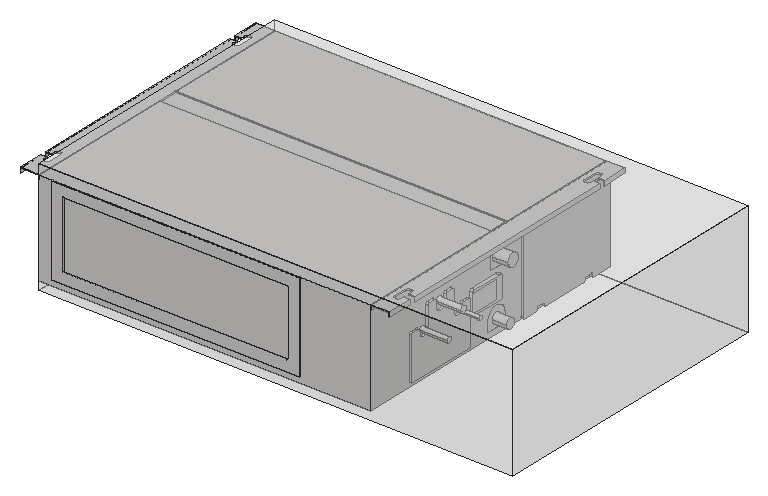
Revit family "outputfile", category 機械設備, Revit 2024
Family settings
  丸型コネクタ寸法 = 半径を使用
  パーツ タイプ = 標準
  OmniClass 番号 = 23.75.10.24.21.27.27
  OmniClass タイトル = Split System Air Conditioning Units
  作業面ベース = いいえ
  常に垂直 = はい
  ロード時にボイドで切り取り = いいえ
  注釈の向きを維持 = いいえ
  共有 = いいえ
  部屋計算ポイント = はい
Parameters (values of type "FPRAQ20APVM")
  Description = ""
  製造元 = "Daikin"
  書き出し IFC クラス(タイプ) = "IfcUnitaryEquipmentType"
  定義済み IFC タイプ(タイプ) = "AIRCONDITIONINGUNIT"
  Cost = 0
  モデル = "FPRAQ20APVM"
  Type Comments = ""
  Keynote = ""
  Type Image = (empty or 0)
  Assembly Code = ""
  r_HP/LP Gas Pipe Size = [HP/LP Gas Pipe Size] / 2  # 4.75 mm
  lw_suctionflange = 40.0 mm  # constant formula
  r_Liquid Pipe Size = Liquid Pipe Size / 2  # 3.2 mm
  r_Gas Pipe Size = Gas Pipe Size / 2  # 6.35 mm
  r_Drain Pipe Size = Drain Pipe Size / 2  # 13.0 mm
  lw_dischargeflange = 61.0 mm
  lw_SA_left = 351.0 mm
  lw_SA = Width - 178.0 mm  # 522.0 mm
  lw_RA = 618.0 mm
  lw_HP/LP Gas = 60.0 mm  # constant formula
  lh_suctionflange [instance] = if(Rear Connection_Return Air, -100.0 mm, -10.0 mm)  # -100.0 mm
  lh_power = 100.0 mm  # constant formula
  lh_mountinghole1 = lh_mountinghole  # 200.0 mm
  lh_dischargeflange = 105.5 mm  # constant formula
  lh_RA = 198.0 mm  # constant formula
  lh_HP/LP Gas = -103.0 mm  # constant formula
  left_pipe = no
  ld_dischargeflange = 310.0 mm  # constant formula
  ld_suctionflange [instance] = if(Rear Connection_Return Air, 190.0 mm, 100.0 mm)  # 190.0 mm
  ld_HP/LP Gas = 179.0 mm  # constant formula
  angle_vertical_RA [instance] = if(Rear Connection_Return Air, 90.00°, 0.00°)  # 90.00°
  angle horizontal_RA [instance] = if(Rear Connection_Return Air, 180.00°, 270.00°)  # 180.00°
  Voltage_comment_60Hz = "220-230"
  Voltage_comment_50Hz = "220 - 240"
  Voltage_60Hz = 220 V
  Voltage_50Hz = 230 V
  URL = ""
  Supply Air Direction [instance] = yes
  Sound Power Level_H speed (dB) = 0
  Rear Connection_Return Air [instance] = not(Bottom Connection_Return Air)  # yes
  ld_RA = 190.0 mm  # constant formula
  Phase_60Hz = 1
  Phase_50Hz = 1
  Minimum External Static Pressure = 0.00 Pa
  Minimum Circuit Amps_60Hz = 0.44 A
  Minimum Circuit Amps_50Hz = 0.44 A
  Maximum Fuse Amps_60Hz = 16.0 A
  Maximum Fuse Amps_50Hz = 16.0 A
  Maximum External Static Pressure = 10.00 Pa
  Material_Casing = DAIKIN_GalvanizedSteel_Casing_indoorunit
  lw_mountinghole = 740.0 mm
  lh_gaspipe = -67.0 mm  # constant formula
  lh_mountinghole = 200.0 mm  # constant formula
  lh_liquidpipe = -103.0 mm  # constant formula
  lh_drainpipe = -50.0 mm  # constant formula
  lh_antena = 1.0 mm  # constant formula
  ld_drainpipe = 23.0 mm  # constant formula
  ld_liquidpipe = 89.0 mm  # constant formula
  ld_gaspipe = 134.0 mm  # constant formula
  ld_mountinghole = 500.0 mm  # constant formula
  h*** = 100.0 mm  # constant formula
  lw_liquidpipe = 54.5 mm  # constant formula
  lw_gaspipe = 54.5 mm  # constant formula
  lw_drainpipe = 33.0 mm  # constant formula
  Width = 700.0 mm
  Version = "ver.1.0"
  Unit Type = "Moisture Control 3D Air Flow Ceiling Mounted Duct Type"
  Unit Mass Weight = 24.00 kg
  Unit Designation [instance] = ""
  Uniclass2015Version = "Products v1.30"
  Uniclass2015Title = "Variable refrigerant flow units"
  Uniclass2015Code = "Pr_70_65_03_94"
  Total Cooling Capacity [instance] = 0.000 kW
  Sound Pressure Level_M speed (dBA) = 26
  Sound Pressure Level_L speed (dBA) = 23
  Sound Pressure Level_H speed (dBA) = 29
  Series = "VRV HOME_Fan Coil Unit"
  Sensible Cooling Capacity [instance] = 0.000 kW
  SA Duct Size Width = 456.0 mm
  SA Duct Size Height = 141.0 mm
  Refrigerant Type = "R410A"
  RA Duct Size Width = 580.0 mm
  RA Duct Size Height = 160.0 mm
  Power Input (Cooling) = 0.033 kW
  Option Accessory 3 [instance] = ""
  Option Accessory 2 [instance] = ""
  Option Accessory 1 [instance] = ""
  Nominal Cooling Capacity = 2.200 kW
  Minimum Airflow = 324.00 m³/h
  Median Airflow = 378.00 m³/h
  Maximum Airflow = 432.00 m³/h
  Load Classification = HVAC
  Liquid Pipe Size = 6.4 mm
  Link_Nested Family [instance] = ""
  IfcVersion = ""
  IfcExportType = "AIRCONDITIONINGUNIT"
  IfcExportAs = "IfcUnitaryEquipmentType"
  Height = 200.0 mm
  Heat Exchanger Type = "Cross Fin Coil"
  HP/LP Gas Pipe Size = 9.5 mm
  Gas Pipe Size = 12.7 mm
  Frequency_60Hz = 60 Hz
  Frequency_50Hz = 50 Hz
  Fan Type = "Sirocco Fan"
  Fan Drive = "Direct Drive"
  FCU Tag No. [instance] = ""
  Drain Pipe Size = 26.0 mm
  Design Supply Airflow [instance] = 0.00 m³/h
  Design Return Airflow [instance] = 0.00 m³/h
  Design External Static Pressure [instance] = 0.00 Pa
  Depth = 620.0 mm
  既定の高さ = 0.0 mm
  Cooling Entering Wet Bulb Temperature [instance] = 0.00 °C
  Cooling Entering Dry Bulb Temperature [instance] = 0.00 °C
  Cooling Ambient Wet Bulb Temperature [instance] = 0.00 °C
  Cooling Ambient Dry Bulb Temperature [instance] = 0.00 °C
  Clearance visibility [instance] = yes
  Clearance Top = 20.0 mm
  Clearance Right = 300.0 mm
  Clearance Rear = 0.0 mm
  Clearance Left = 0.0 mm
  Clearance Front = 0.0 mm
  Clearance Bottom = 20.0 mm
  Bottom Connection_Return Air [instance] = no
Reference planes
  plane 1 "Center (Front/Back)": y = 0
  plane 2 "h": z = 0
  plane 3 "Center (Left/Right)": x = 0
  plane 4 "Back": y = 310
  plane 5 "Front": y = -310
  plane 6 "Left": x = -350
  plane 7 "Reight": x = 350
  plane 8 "Top": z = 0
  plane 9 "Bottom": z = -200
  plane 10: z = 1.2
  plane 11: z = -2
  plane 12: y = -136.255
  plane 13: y = -88.831
  plane 14: x = -370
  plane 15 "lh_mountinghole": z = 0
  plane 16: z = -50
  plane 17: y = -250
  plane 18: y = 250
  plane 19 "ld_liquidpipe": y = -89
  plane 20 "ld_gaspipe": y = -134
  plane 21: y = -215
  plane 22 "ld_drainpipe": y = 23
  plane 23: x = -370
  plane 24: x = -350
  plane 25: x = 348.7
  plane 26: x = 383
  plane 27: x = 357
  plane 28: x = 360
  plane 29: x = 358
  plane 30: x = 370
  plane 31: y = 20
  plane 32: x = 380
  plane 33: x = 348
  plane 34: y = 310
  plane 35: y = -310
  plane 36: x = -350
  plane 37: x = 650
  plane 38: z = 20
  plane 39: z = -220
  plane 40: y = 335
  plane 41: z = -198
  plane 42: z = 205.102
  plane 43 "d_liquid_pipe": x = 404.5
  plane 44 "d_gas_pipe": x = 404.5
  plane 45 "ld_SA": y = -310
  plane 46: x = -350
  plane 47: x = -61
  plane 48: y = 500
  plane 49: z = -94.5
  plane 50: x = -349
  plane 51: z = -199
  plane 52: z = -1
  plane 53: y = 120
  plane 54: y = 110
  plane 55: z = -10
  plane 56 "RA_width": x = -40
  plane 57: y = 210
  plane 58 "RA_depth": y = 120
  plane 59: z = -100
  plane 60: x = -349
  plane 61: y = 309
  plane 62: x = 241.57
  plane 63: z = -30
  plane 64 "ld_HP/LP Gas": y = -179
  plane 65: x = 410
  plane 66: x = 330.5
  plane 67: y = 260.8
  plane 68 "h115": z = -84.79
  plane 69: y = 194.79
Forms (mm)
  Extrusion 1, solid, material "DAIKIN_GalvanizedSteel_Casing_indoorunit" <- "Material_Casing"
    sketch origin (0, 0, 0) x (1, 0, 0) y (0, 1, 0)
      loop
        line (-350, 310) -> (-350, -310) -> (350, -310) -> (350, 310) -> (-350, 310)
    from -200 to 0
  Extrusion 2, solid, material "DAIKIN_GalvanizedSteel_Casing_indoorunit" <- "Material_Casing"
    sketch origin (0, 0, 0) x (0, 1, 0) y (0, 0, 1)
      loop
        arc (22.012, -86.909) -> (21.133, -84.787) -> (19.012, -83.909) r 3
        line (19.012, -83.909) -> (-47.992, -83.909)
        arc (-47.992, -83.909) -> (-50.114, -84.788) -> (-50.992, -86.91) r 3
        line (-50.992, -86.91) -> (-50.992, -128.409)
        arc (-50.992, -128.409) -> (-50.114, -130.53) -> (-47.992, -131.409) r 3
        line (-47.992, -131.409) -> (19.012, -131.409)
        arc (19.012, -131.409) -> (21.133, -130.53) -> (22.012, -128.409) r 3
        line (22.012, -128.409) -> (22.012, -86.909)
    from 350 to 360
  Extrusion 3, void
    sketch origin (0, 0, 0) x (1, 0, 0) y (0, 1, 0)
      loop
        line (348.7, 48.53) -> (-350, 48.53) -> (-350, 6.27) -> (348.7, 6.27) -> (348.7, 48.53)
    from -2 to 0
  Extrusion 4, void
    sketch origin (0, 0, 0) x (0, 1, 0) y (0, 0, 1)
      loop
        line (-138.492, -87.409) -> (-138.492, -127.909) -> (9.612, -127.909) -> (9.612, -87.409) -> (-138.492, -87.409)
    from 358 to 360
  Extrusion 5, solid, material "DAIKIN_GalvanizedSteel_Casing_indoorunit" <- "Material_Casing"
    sketch origin (0, 0, 0) x (0, 1, 0) y (0, 0, 1)
      loop
        circle (20, -170) r 10
    from 350 to 380
  Extrusion 6, solid, material "DAIKIN_GalvanizedSteel_Casing_indoorunit" <- "Material_Casing"
    sketch origin (0, 0, 0) x (0, 1, 0) y (0, 0, 1)
      loop
        circle (23, -50) r 13
    from 348 to 383
  Extrusion 7, void
    sketch origin (0, 0, 0) x (0, 1, 0) y (0, 0, 1)
      loop
        arc (2.051, -70.461) -> (3.512, -73.988) -> (7.039, -75.449) r 4.988
        line (7.039, -75.449) -> (38.961, -75.449)
        arc (38.961, -75.449) -> (42.488, -73.988) -> (43.949, -70.461) r 4.988
        line (43.949, -70.461) -> (43.949, -34.039)
        arc (43.949, -34.039) -> (42.488, -30.512) -> (38.961, -29.051) r 4.988
        line (38.961, -29.051) -> (7.039, -29.051)
        arc (7.039, -29.051) -> (3.512, -30.512) -> (2.051, -34.039) r 4.988
        line (2.051, -34.039) -> (2.051, -70.461)
      loop
        arc (44.442, -169.501) -> (20.002, -145.061) -> (-4.438, -169.501) r 24.44
        line (-4.438, -169.501) -> (-4.438, -189.537) -> (44.442, -189.537) -> (44.442, -169.501)
    from 348 to 350
  Extrusion 8, solid
    sketch origin (0, 0, 0) x (0, 1, 0) y (0, 0, 1)
      loop
        circle (-89, -103) r 3.2
    from 350 to 404.5
  Extrusion 9, solid
    sketch origin (0, 0, 0) x (0, 1, 0) y (0, 0, 1)
      loop
        circle (-134, -67) r 6.35
    from 350 to 404.5
  Extrusion 10, solid, material "DAIKIN_GalvanizedSteel_Casing_indoorunit" <- "Material_Casing"
    sketch origin (0, 0, 0) x (1, 0, 0) y (0, 1, 0)
      loop
        circle (330.5, 260.8) r 17.5
    from -198 to -200
  Extrusion 11, void
    sketch origin (0, 0, 0) x (1, 0, 0) y (0, 0, 1)
      loop
        line (-349, -1) -> (-349, -199) -> (269, -199) -> (269, -1) -> (-349, -1)
    from -310 to -120
  Extrusion 12, void
    sketch origin (0, 0, 0) x (1, 0, 0) y (0, 1, 0)
      loop
        line (-349, 309) -> (-349, 111) -> (269, 111) -> (269, 309) -> (-349, 309)
    from -200 to -10
  Extrusion 13, solid, material "DAIKIN_GalvanizedSteel_Casing_indoorunit" <- "Material_Casing", visible <- "Rear Connection_Return Air"
    sketch origin (0, 0, 0) x (1, 0, 0) y (0, 1, 0)
      loop
        line (269, 309) -> (-349, 309) -> (-349, 111) -> (269, 111) -> (269, 309)
    from -200 to -199
  Extrusion 14, solid, material "DAIKIN_GalvanizedSteel_Casing_indoorunit" <- "Material_Casing", visible <- "Bottom Connection_Return Air"
    sketch origin (0, 0, 0) x (1, 0, 0) y (0, 0, 1)
      loop
        line (269, -1) -> (-349, -1) -> (-349, -199) -> (269, -199) -> (269, -1)
    from -310 to -300
  Extrusion 15, solid
    sketch origin (0, 0, 0) x (0, 1, 0) y (0, 0, 1)
      loop
        circle (-179, -103) r 4.75
    from 350 to 410
  Extrusion 16, solid, material "DAIKIN_GalvanizedSteel_Casing_indoorunit" <- "Material_Casing"
    sketch origin (0, 0, 0) x (0, 1, 0) y (0, 0, 1)
      loop
        arc (83.953, -195.012) -> (84.829, -197.128) -> (86.945, -198.005) r 2.993
        line (86.945, -198.005) -> (116.373, -198.005)
        arc (116.373, -198.005) -> (118.489, -197.128) -> (119.366, -195.012) r 2.993
        line (119.366, -195.012) -> (119.366, -188.29)
        arc (119.366, -188.29) -> (120.862, -186.794) -> (122.359, -188.29) r 1.496
        line (122.359, -188.29) -> (122.359, -190.333) -> (137.322, -190.333) -> (137.322, -188.29)
        arc (137.322, -188.29) -> (138.818, -186.794) -> (140.315, -188.29) r 1.496
        line (140.315, -188.29) -> (140.315, -195.012)
        arc (140.315, -195.012) -> (141.191, -197.128) -> (143.307, -198.005) r 2.993
        line (143.307, -198.005) -> (241.068, -198.005)
        arc (241.068, -198.005) -> (243.185, -197.128) -> (244.061, -195.012) r 2.993
        line (244.061, -195.012) -> (244.061, -188.29)
        arc (244.061, -188.29) -> (245.558, -186.794) -> (247.054, -188.29) r 1.496
        line (247.054, -188.29) -> (247.054, -190.333) -> (262.017, -190.333) -> (262.017, -188.29)
        arc (262.017, -188.29) -> (263.514, -186.794) -> (265.01, -188.29) r 1.496
        line (265.01, -188.29) -> (265.01, -195.012)
        arc (265.01, -195.012) -> (265.887, -197.128) -> (268.003, -198.005) r 2.993
        line (268.003, -198.005) -> (310, -198.005) -> (310, -22.445) -> (280.969, -22.445) -> (277.477, -25.937) -> (207.648, -25.937) -> (204.157, -22.445) -> (86.945, -22.445)
        arc (86.945, -22.445) -> (84.829, -23.322) -> (83.953, -25.438) r 2.993
        line (83.953, -25.438) -> (83.953, -195.012)
      loop
        arc (-116.44, -57.656) -> (-118.563, -58.535) -> (-119.443, -60.659) r 3.003
        line (-119.443, -60.659) -> (-119.443, -71.5)
        arc (-119.443, -71.5) -> (-134, -86.057) -> (-148.557, -71.5) r 14.557
        line (-148.557, -71.5) -> (-148.557, -60.659)
        arc (-148.557, -60.659) -> (-149.437, -58.535) -> (-151.56, -57.656) r 3.003
        line (-151.56, -57.656) -> (-164.073, -57.656)
        arc (-164.073, -57.656) -> (-166.196, -58.535) -> (-167.076, -60.659) r 3.003
        line (-167.076, -60.659) -> (-167.076, -103)
        arc (-167.076, -103) -> (-179.13, -115.055) -> (-191.185, -103) r 12.055
        line (-191.185, -103) -> (-191.185, -98.897)
        arc (-191.185, -98.897) -> (-192.064, -96.774) -> (-194.188, -95.894) r 3.003
        line (-194.188, -95.894) -> (-208.202, -95.894)
        arc (-208.202, -95.894) -> (-210.325, -96.774) -> (-211.205, -98.897) r 3.003
        line (-211.205, -98.897) -> (-211.205, -189.537) -> (-58.882, -189.537) -> (-58.882, -98.897)
        arc (-58.882, -98.897) -> (-59.762, -96.774) -> (-61.885, -95.894) r 3.003
        line (-61.885, -95.894) -> (-74.026, -95.894)
        arc (-74.026, -95.894) -> (-76.15, -96.774) -> (-77.029, -98.897) r 3.003
        line (-77.029, -98.897) -> (-77.029, -103)
        arc (-77.029, -103) -> (-88.977, -114.948) -> (-100.924, -103) r 11.948
        line (-100.924, -103) -> (-100.924, -60.659)
        arc (-100.924, -60.659) -> (-101.804, -58.535) -> (-103.927, -57.656) r 3.003
        line (-103.927, -57.656) -> (-116.44, -57.656)
    from 350 to 357
  Revolve 17, solid, material "DAIKIN_GalvanizedSteel_Casing_indoorunit" <- "Material_Casing", visible <- "left_pipe"
    sketch origin (0, 0, -84.79) x (0, 1, 0) y (-1, 0, 0)
      loop
        line (194.79, 350) -> (194.79, 365.7) -> (187.29, 365.7) -> (187.29, 358.7) -> (177.29, 358.7) -> (177.29, 350) -> (194.79, 350)
      axis (194.79, 365.7) -> (194.79, 350)
    angle from 0 to 360
Cuts and joins
  Extrusion 3, Extrusion 4, Extrusion 7, Extrusion 11, Extrusion 12 cuts Extrusion 1
  Extrusion 4 cuts Extrusion 2
  Extrusion 11 cuts Extrusion 6
Dimensions and locks
  "Height": plane 8 "Top" to plane 9 "Bottom"
  locked: plane 10 to plane 8 "Top" at 1.2
  locked: plane 8 "Top" to plane 11 at 2
  equal spacing: plane 17, plane 1 "Center (Front/Back)", plane 18
  "ld_mountinghole": plane 17 to plane 18
  "ld_gaspipe": plane 20 "ld_gaspipe" to plane 1 "Center (Front/Back)"
  "ld_liquidpipe": plane 19 "ld_liquidpipe" to plane 1 "Center (Front/Back)"
  equal spacing: plane 4 "Back", plane 1 "Center (Front/Back)", plane 5 "Front"
  "Depth": plane 4 "Back" to plane 5 "Front"
  locked: plane 12 to plane 1 "Center (Front/Back)" at 136.255
  locked: plane 12 to plane 13 at 47.425
  locked: plane 13 to plane 1 "Center (Front/Back)" at 88.831
  equal spacing: plane 6 "Left", plane 3 "Center (Left/Right)", plane 7 "Reight"
  "Width": plane 6 "Left" to plane 7 "Reight"
  "lw_drainpipe": plane 7 "Reight" to plane 26
  locked: plane 7 "Reight" to plane 27 at 7
  locked: plane 28 to plane 26 at 23
  locked: plane 29 to plane 26 at 25
  equal spacing: plane 23, plane 3 "Center (Left/Right)", plane 30
  "lw_mountinghole": plane 23 to plane 30
  locked: plane 7 "Reight" to plane 32 at 30
  locked: plane 33 to plane 7 "Reight" at 2
  "Clearance Left": plane 36 to plane 6 "Left"
  "Clearance Right": plane 7 "Reight" to plane 37
  "Clearance Rear": plane 34 to plane 4 "Back"
  "Clearance Front": plane 5 "Front" to plane 35
  "Clearance Top": plane 38 to plane 8 "Top"
  "Clearance Bottom": plane 9 "Bottom" to plane 39
  locked: plane 40 to plane 4 "Back" at 25
  locked: plane 25 to plane 7 "Reight" at 1.3
  locked: plane 41 to plane 9 "Bottom" at 2
  "lw_liquidpipe": plane 7 "Reight" to plane 43 "d_liquid_pipe"
  "lw_gaspipe": plane 7 "Reight" to plane 44 "d_gas_pipe"
  "lh_mountinghole": plane 15 "lh_mountinghole" to plane 9 "Bottom"
  "ld_suctionflange": plane 48 to plane 4 "Back"
  "lw_dischargeflange": plane 47 to plane 3 "Center (Left/Right)"
  "lh_dischargeflange": plane 49 to plane 9 "Bottom"
  locked: plane 8 "Top" to plane 52 at 1
  locked: plane 50 to plane 6 "Left" at 1
  locked: plane 51 to plane 9 "Bottom" at 1
  locked: plane 55 to plane 9 "Bottom" at 190
  locked: plane 4 "Back" to plane 53 at 190
  locked: plane 4 "Back" to plane 54 at 200
  locked: plane 4 "Back" to plane 57 at 100
  "lw_suctionflange": plane 56 "RA_width" to plane 3 "Center (Left/Right)"
  "ld_suctionflange": plane 4 "Back" to plane 58 "RA_depth"
  "lh_power": plane 59 to plane 9 "Bottom"
  locked: plane 46 to plane 60 at 1
  locked: plane 34 to plane 61 at 1
  locked: plane 8 "Top" to plane 63 at 30
  locked: plane 7 "Reight" to plane 62 at 108.43
  locked: plane 16 to plane 9 "Bottom" at 150
  locked: Extrusion 3 sketch curve to Extrusion 3 sketch curve at 42.26
  "ld_HP/LP Gas": plane 64 "ld_HP/LP Gas" to plane 1 "Center (Front/Back)"
  "ld_drainpipe": plane 1 "Center (Front/Back)" to plane 22 "ld_drainpipe"
  locked: plane 1 "Center (Front/Back)" to plane 31 at 20
  locked: Extrusion 5 sketch curve to plane 9 "Bottom" at 30
  Extrusion 15 sketch curve to plane 9 "Bottom" = 97.0 mm
  "lw_HP/LP Gas": plane 7 "Reight" to plane 65
  locked: Extrusion 9 sketch curve to plane 9 "Bottom" at 133
  locked: Extrusion 8 sketch curve to plane 9 "Bottom" at 97
  plane 66 to plane 7 "Reight" = 19.5 mm
  locked: plane 68 "h115" to plane 9 "Bottom" at 115.21
  locked: plane 4 "Back" to plane 69 at 115.21
  Revolve 17 sketch curve to plane 6 "Left" = 8.7 mm
  Revolve 17 sketch curve to plane 6 "Left" = 15.7 mm
  locked: plane 69 to Revolve 17 sketch curve at 17.5
  locked: plane 69 to Revolve 17 sketch curve at 7.5
  "ld_dischargeflange": plane 45 "ld_SA" to plane 1 "Center (Front/Back)"
  plane 4 "Back" to cut or joined group of Extrusion 1, Extrusion 3, Extrusion 4, Extrusion 7, Extrusion 11, Extrusion 12 = 261.47 mm
  plane 4 "Back" to plane 67 = 49.2 mm
  "Drain Pipe Size": diameter of Extrusion 6 sketch curve
  "Liquid Pipe Size": diameter of Extrusion 8 sketch curve
  "Gas Pipe Size": diameter of Extrusion 9 sketch curve
  "HP/LP Gas Pipe Size": diameter of Extrusion 15 sketch curve
  aligned and locked: level to plane 2 "h"
  aligned and locked: plane 8 "Top" to Extrusion 1
  aligned and locked: Extrusion 1 to plane 9 "Bottom"
  aligned and locked: Extrusion 3 to plane 11
  aligned and locked: plane 8 "Top" to Extrusion 3
  aligned and locked: Extrusion 2 to Extrusion 4
  aligned and locked: nested 3 to plane 20 "ld_gaspipe"
  aligned and locked: nested 4 to plane 19 "ld_liquidpipe"
  aligned and locked: nested 5 to plane 22 "ld_drainpipe"
  aligned and locked: nested 1 to plane 7 "Reight"
  aligned and locked: plane 6 "Left" to plane 24
  aligned and locked: Extrusion 3 sketch curve to plane 24
  aligned and locked: Extrusion 3 sketch curve to plane 25
  aligned and locked: cut or joined group of Extrusion 1, Extrusion 3, Extrusion 4, Extrusion 7, Extrusion 11, Extrusion 12 to plane 6 "Left"
  aligned and locked: plane 7 "Reight" to cut or joined group of Extrusion 1, Extrusion 3, Extrusion 4, Extrusion 7, Extrusion 11, Extrusion 12
  aligned and locked: plane 26 to Extrusion 6
  aligned and locked: Extrusion 6 to plane 26  (x2)
  aligned and locked: plane 7 "Reight" to nested 1
  aligned and locked: plane 28 to cut or joined group of Extrusion 2, Extrusion 4
  aligned and locked: cut or joined group of Extrusion 2, Extrusion 4 to plane 29
  aligned and locked: nested 2 to plane 6 "Left"
  aligned and locked: plane 31 to Extrusion 5 sketch curve
  aligned and locked: Extrusion 5 to plane 7 "Reight"
  aligned and locked: plane 32 to Extrusion 5
  aligned and locked: Extrusion 2 to plane 7 "Reight"
  aligned and locked: plane 7 "Reight" to Extrusion 7
  aligned and locked: plane 33 to Extrusion 7
  aligned and locked: plane 33 to Extrusion 6
  aligned and locked: plane 3 "Center (Left/Right)" to nested 6
  aligned and locked: plane 1 "Center (Front/Back)" to nested 6
  aligned and locked: plane 4 "Back" to cut or joined group of Extrusion 1, Extrusion 3, Extrusion 4, Extrusion 7, Extrusion 11, Extrusion 12
  aligned and locked: nested 7 to plane 35
  aligned and locked: plane 36 to nested 7
  aligned and locked: plane 37 to nested 7
  aligned and locked: nested 7 to plane 36
  aligned and locked: plane 34 to nested 7
  aligned and locked: plane 38 to nested 7
  aligned and locked: plane 39 to nested 7
  aligned and locked: Extrusion 8 to plane 7 "Reight"
  aligned and locked: plane 43 "d_liquid_pipe" to Extrusion 8
  aligned and locked: plane 20 "ld_gaspipe" to Extrusion 9 sketch curve
  aligned and locked: Extrusion 9 to plane 7 "Reight"
  aligned and locked: plane 44 "d_gas_pipe" to Extrusion 9
  aligned and locked: plane 44 "d_gas_pipe" to nested 3
  aligned and locked: plane 43 "d_liquid_pipe" to nested 4
  aligned and locked: plane 19 "ld_liquidpipe" to Extrusion 8 sketch curve
  aligned and locked: plane 15 "lh_mountinghole" to nested 2
  aligned and locked: plane 15 "lh_mountinghole" to nested 1
  aligned and locked: plane 30 to nested 8
  aligned and locked: plane 17 to nested 8
  aligned and locked: plane 30 to nested 11
  aligned and locked: plane 18 to nested 11
  aligned and locked: plane 23 to nested 9
  aligned and locked: plane 18 to nested 9
  aligned and locked: plane 23 to nested 10
  aligned and locked: plane 17 to nested 10
  aligned and locked: plane 47 to nested 12
  aligned and locked: plane 49 to nested 12
  aligned and locked: Extrusion 10 to plane 9 "Bottom"
  aligned and locked: nested 13 to plane 9 "Bottom"
  aligned and locked: plane 50 to Extrusion 11 sketch curve
  aligned and locked: Extrusion 11 sketch curve to plane 52
  aligned and locked: plane 51 to Extrusion 11 sketch curve
  aligned and locked: plane 4 "Back" to Extrusion 11
  aligned and locked: Extrusion 12 to plane 9 "Bottom"
  aligned and locked: plane 55 to Extrusion 12
  aligned and locked: Extrusion 13 sketch curve to cut or joined group of Extrusion 1, Extrusion 3, Extrusion 4, Extrusion 7, Extrusion 11, Extrusion 12
  aligned and locked: cut or joined group of Extrusion 1, Extrusion 3, Extrusion 4, Extrusion 7, Extrusion 11, Extrusion 12 to Extrusion 13 sketch curve
  aligned and locked: Extrusion 13 to plane 9 "Bottom"
  aligned and locked: Extrusion 11 to plane 53
  aligned and locked: Extrusion 14 sketch curve to cut or joined group of Extrusion 1, Extrusion 3, Extrusion 4, Extrusion 7, Extrusion 11, Extrusion 12  (x3)
  aligned and locked: plane 4 "Back" to Extrusion 14
  aligned and locked: Extrusion 13 to cut or joined group of Extrusion 1, Extrusion 3, Extrusion 4, Extrusion 7, Extrusion 11, Extrusion 12
  aligned and locked: plane 7 "Reight" to nested 5
  aligned and locked: plane 22 "ld_drainpipe" to nested 5
  aligned and locked: nested 2 to plane 1 "Center (Front/Back)"
  aligned and locked: plane 22 "ld_drainpipe" to Extrusion 6 sketch curve
  aligned and locked: plane 7 "Reight" to nested 17
  aligned and locked: plane 64 "ld_HP/LP Gas" to nested 17
  aligned and locked: plane 64 "ld_HP/LP Gas" to Extrusion 15 sketch curve
  aligned and locked: Extrusion 15 to plane 65
  aligned and locked: Extrusion 16 to plane 7 "Reight"
  aligned and locked: Extrusion 16 to plane 27
  aligned and locked: plane 67 to Extrusion 10 sketch curve
  aligned and locked: plane 66 to Extrusion 10 sketch curve
  aligned and locked: plane 66 to nested 13
  aligned and locked: plane 67 to nested 13
  aligned and locked: nested 16 to Extrusion 13 sketch curve
  aligned and locked: plane 56 "RA_width" to nested 15
  aligned and locked: Extrusion 15 to plane 7 "Reight"
  aligned and locked: plane 56 "RA_width" to nested 16
  aligned and locked: Revolve 17 sketch curve to plane 69  (x2)
  aligned and locked: nested 15 to plane 58 "RA_depth"
  aligned and locked: plane 47 to nested 18
  aligned and locked: nested 18 to plane 49
  aligned and locked: plane 1 "Center (Front/Back)" to nested 12
  aligned and locked: plane 45 "ld_SA" to nested 18
  aligned and locked: plane 5 "Front" to Extrusion 1 sketch curve
Automatic sketch dimensions
  Extrusion 1 sketch curve to plane 6 "Left" = 0.0 mm
  Extrusion 1 sketch curve to plane 7 "Reight" = 0.0 mm
  Extrusion 1 sketch curve to plane 4 "Back" = 0.0 mm
  plane 6 "Left" to Extrusion 12 sketch curve = 1.0 mm
  Extrusion 12 sketch curve to plane 7 "Reight" = 81.0 mm
  Extrusion 12 sketch curve to plane 4 "Back" = 1.0 mm
  Extrusion 13 sketch curve to plane 4 "Back" = 1.0 mm
  plane 33 to Extrusion 14 sketch curve = 79.0 mm
  plane 33 to Extrusion 11 sketch curve = 79.0 mm
  plane 54 to Extrusion 12 sketch curve = 1.0 mm
  Extrusion 6 sketch curve to plane 16 = 0.0 mm
  Extrusion 2 sketch curve to Extrusion 2 sketch curve = 3.0 mm  (x5)
  Extrusion 2 sketch curve to plane 49 = 7.591 mm
  Extrusion 4 sketch curve to plane 49 = 7.091 mm
  Extrusion 4 sketch curve to plane 1 "Center (Front/Back)" = 9.612 mm
  plane 20 "ld_gaspipe" to Extrusion 4 sketch curve = 4.492 mm
  Extrusion 4 sketch curve to plane 59 = 27.909 mm
  plane 22 "ld_drainpipe" to Extrusion 2 sketch curve = 3.988 mm
  Extrusion 2 sketch curve to plane 59 = 28.409 mm
  Extrusion 2 sketch curve to plane 19 "ld_liquidpipe" = 41.008 mm
  plane 1 "Center (Front/Back)" to Extrusion 7 sketch curve = 4.438 mm
  Extrusion 7 sketch curve to plane 1 "Center (Front/Back)" = 2.051 mm
  plane 63 to Extrusion 7 sketch curve = 0.949 mm
  Extrusion 7 sketch curve to plane 1 "Center (Front/Back)" = 7.039 mm  (x2)
  plane 22 "ld_drainpipe" to Extrusion 7 sketch curve = 2.998 mm
  Extrusion 7 sketch curve to plane 22 "ld_drainpipe" = 15.961 mm  (x2)
  Extrusion 7 sketch curve to Extrusion 7 sketch curve = 4.988 mm
  Extrusion 7 sketch curve to plane 49 = 24.039 mm
  plane 41 to Extrusion 7 sketch curve = 28.499 mm
  plane 41 to Extrusion 7 sketch curve = 8.463 mm
  Extrusion 16 sketch curve to plane 21 = 3.795 mm  (x2)
  Extrusion 16 sketch curve to Extrusion 16 sketch curve = 3.003 mm  (x6)
  plane 49 to Extrusion 16 sketch curve = 1.394 mm  (x4)
  Extrusion 16 sketch curve to Extrusion 16 sketch curve = 0.0 mm  (x18)
  plane 49 to Extrusion 16 sketch curve = 4.397 mm  (x2)
  Extrusion 16 sketch curve to Extrusion 16 sketch curve = 14.014 mm
  Extrusion 16 sketch curve to plane 64 "ld_HP/LP Gas" = 0.13 mm
  plane 64 "ld_HP/LP Gas" to Extrusion 16 sketch curve = 11.924 mm
  Extrusion 16 sketch curve to Extrusion 16 sketch curve = 12.513 mm  (x2)
  plane 20 "ld_gaspipe" to Extrusion 16 sketch curve = 0.0 mm
  Extrusion 16 sketch curve to plane 59 = 3.0 mm  (x3)
  plane 19 "ld_liquidpipe" to Extrusion 16 sketch curve = 11.924 mm
  Extrusion 16 sketch curve to plane 19 "ld_liquidpipe" = 0.023 mm
  Extrusion 16 sketch curve to Extrusion 16 sketch curve = 12.141 mm
  plane 41 to Extrusion 16 sketch curve = 8.463 mm
  Extrusion 16 sketch curve to plane 19 "ld_liquidpipe" = 30.118 mm
  plane 63 to Extrusion 16 sketch curve = 4.562 mm
  Extrusion 16 sketch curve to plane 53 = 36.047 mm
  Extrusion 16 sketch curve to Extrusion 16 sketch curve = 2.993 mm  (x4)
  Extrusion 16 sketch curve to plane 41 = 0.005 mm  (x3)
  Extrusion 16 sketch curve to plane 53 = 3.627 mm
  Extrusion 16 sketch curve to plane 53 = 0.634 mm
  plane 53 to Extrusion 16 sketch curve = 0.862 mm
  Extrusion 16 sketch curve to Extrusion 16 sketch curve = 14.963 mm
  Extrusion 16 sketch curve to Extrusion 16 sketch curve = 1.496 mm  (x3)
  Extrusion 16 sketch curve to plane 57 = 5.843 mm
  Extrusion 16 sketch curve to plane 57 = 2.352 mm
  plane 18 to Extrusion 16 sketch curve = 8.932 mm
  plane 18 to Extrusion 16 sketch curve = 5.939 mm
  Extrusion 16 sketch curve to plane 18 = 12.017 mm
  plane 63 to Extrusion 16 sketch curve = 4.063 mm
  Extrusion 16 sketch curve to plane 18 = 27.477 mm
  Extrusion 16 sketch curve to Extrusion 16 sketch curve = 3.491 mm
  Extrusion 16 sketch curve to plane 4 "Back" = 0.0 mm
  Extrusion 16 sketch curve to Extrusion 16 sketch curve = 4.679 mm  (x2)
  Extrusion 16 sketch curve to Extrusion 16 sketch curve = 2.042 mm  (x4)
  Extrusion 16 sketch curve to plane 49 = 23.0 mm
  Extrusion 16 sketch curve to Extrusion 16 sketch curve = 10.841 mm  (x4)
  plane 63 to Extrusion 16 sketch curve = 7.555 mm
  Revolve 17 sketch curve to plane 6 "Left" = 0.0 mm
  plane 60 to Revolve 17 sketch curve = 53.3 mm
  Revolve 17 sketch curve to plane 14 = 10.7 mm
  Extrusion 3 sketch curve to plane 1 "Center (Front/Back)" = 6.27 mm
  radius of Extrusion 5 sketch curve = 10.0 mm
  radius of Extrusion 10 sketch curve = 17.5 mm
Nested families
  nested 1: "daikin_hangerfixture_FPRSQ-APVM" at (350, 0, 0), type "daikin_hangerfixture_FPRSQ-APVM"
  nested 2: "daikin_hangerfixture_FPRSQ-APVM" at (-350, 0, 0) x (-1, 0, 0) z (0, 0, 1), type "daikin_hangerfixture_FPRSQ-APVM"
  nested 3: "daikin_connector_rotate2" at (350, -134, -67) x (0, 1, 0) z (0, 0, 1), length <- "lw_gaspipe", built-in parameter 1001364 <- "lh_gaspipe", type "daikin_connector_rotate2"
    with radius 6.35 mm, length 54.5 mm, angle_vertical 90.00°
  nested 4: "daikin_connector_rotate2" at (350, -89, -103) x (0, 1, 0) z (0, 0, 1), length <- "lw_liquidpipe", built-in parameter 1001364 <- "lh_liquidpipe", type "daikin_connector_rotate2"
    with radius 3.2 mm, length 54.5 mm, angle_vertical 90.00°
  nested 5: "daikin_connector_rotate2" at (350, 23, -50) x (0, 1, 0) z (0, 0, 1), length <- "lw_drainpipe", built-in parameter 1001364 <- "lh_drainpipe", type "daikin_connector_rotate2"
    with radius 10.0 mm, length 33.0 mm, angle_vertical 90.00°
  nested 6: "daikin_△_symbolicline" at (0, 0, 200), built-in parameter 1001364 <- "Height", visible <- "Supply Air Direction", type "daikin_△_symbolicline"
    with length 200.0 mm
  nested 7: "daikin_clearancespace" at (150, 0, -99.881), visible <- "Clearance visibility", show <- "Clearance visibility", Link_Nested Family <- "Link_Nested Family", type "daikin_clearancespace"
    with width 1000.0 mm, show yes, height 240.0 mm, depth 620.0 mm, Link_Nested Family ""
  nested 8: "daikin_mountinghole" at (370, -250, -200), l_antenna <- "lh_antena", Link_Nested Family <- "Link_Nested Family", h_mountinghole <- "lh_mountinghole1", type "daikin_mountinghole"
    with show yes, l_antenna 1.0 mm, h_mountinghole 200.0 mm, Link_Nested Family ""
  nested 9: "daikin_mountinghole" at (-370, 250, -200), l_antenna <- "lh_antena", Link_Nested Family <- "Link_Nested Family", h_mountinghole <- "lh_mountinghole1", type "daikin_mountinghole"
    with show yes, l_antenna 1.0 mm, h_mountinghole 200.0 mm, Link_Nested Family ""
  nested 10: "daikin_mountinghole" at (-370, -250, -200), l_antenna <- "lh_antena", Link_Nested Family <- "Link_Nested Family", h_mountinghole <- "lh_mountinghole1", type "daikin_mountinghole"
    with show yes, l_antenna 1.0 mm, h_mountinghole 200.0 mm, Link_Nested Family ""
  nested 11: "daikin_mountinghole" at (370, 250, -200), l_antenna <- "lh_antena", Link_Nested Family <- "Link_Nested Family", h_mountinghole <- "lh_mountinghole1", type "daikin_mountinghole"
    with show yes, l_antenna 1.0 mm, h_mountinghole 200.0 mm, Link_Nested Family ""
  nested 12: "daikin_connector_rotate2" at (-61, 0, -94.5), length <- "ld_dischargeflange", type "daikin_connector_rotate2"
    with radius 10.0 mm, length 310.0 mm, angle_vertical 90.00°
  nested 13: "daikin_connector_rotate2" at (330.5, 260.8, -100) x (1, 0, 0) z (0, -1, 0), length <- "lh_power", type "daikin_connector_rotate2"
    with radius 10.0 mm, length 100.0 mm, angle_vertical 90.00°
  nested 14: "daikin_ductflange_FPRSQ-APVM2" at (-40, 310, -199), height <- "lh_RA", width <- "lw_RA", visible <- "Rear Connection_Return Air", type "daikin_ductflange_FPRSQ-APVM2"
    with width 618.0 mm, height 198.0 mm, depth 8.188 mm
  nested 15: "daikin_connector_rotate3" at (-40, 120, -100), built-in parameter 1001364 <- "lh_suctionflange", length <- "ld_RA", angle_vertical <- "angle_vertical_RA", angle_horizontal <- "angle horizontal_RA", type "daikin_connector_rotate3"
    with show no, radius 10.0 mm, length 190.0 mm, angle_vertical 90.00°, angle_horizontal 180.00°
  nested 16: "daikin_ductflange_FPRSQ-APVM2" at (-40, 111, -200) x (1, 0, 0) z (0, 1, 0), width <- "lw_RA", height <- "lh_RA", visible <- "Bottom Connection_Return Air", type "daikin_ductflange_FPRSQ-APVM2"
    with width 618.0 mm, height 198.0 mm, depth 562.323 mm
  nested 17: "daikin_connector_rotate2" at (350, -179, -103) x (0, 1, 0) z (0, 0, 1), length <- "lw_HP/LP Gas", built-in parameter 1001364 <- "lh_HP/LP Gas", type "daikin_connector_rotate2"
    with radius 4.8 mm, length 60.0 mm, angle_vertical 90.00°
  nested 18: "daikin_ductflange_FPRSQ-APVM3" at (-61, -310, -193.5), height <- "lh_RA", width <- "lw_SA", type "daikin_ductflange_FPRSQ-APVM3"
    with width 522.0 mm, height 198.0 mm, depth 1.0 mm
Connectors
  piping at (404.5, -134, -67), diameter 12.7, driven by "r_Gas Pipe Size"
    settings: on nested 3, index 3, connector inside diameter 609.6 mm, connector length 0.0 mm, flow factor 0, pipe flow 0.00 m³/h, pressure drop 0.0 Pa, fitting loss kfactor 0, connector angle 0.00°, fixture units 0, engagement length 0.0 mm, angle of deflection 0.00°, flow configuration 1, flow direction 2, fitting loss method 0, system type 29, joint type 0, gender type 0, connector reference index -1, connector utility 0, adjustable connector no, is connector primary yes, connector description "Refrigerant Gas Piping"
  piping at (404.5, -89, -103), diameter 6.4, driven by "r_Liquid Pipe Size"
    settings: on nested 4, index 4, connector inside diameter 609.6 mm, connector length 0.0 mm, flow factor 0, pipe flow 0.00 m³/h, pressure drop 0.0 Pa, fitting loss kfactor 0, connector angle 0.00°, fixture units 0, engagement length 0.0 mm, angle of deflection 0.00°, flow configuration 1, flow direction 1, fitting loss method 0, system type 29, joint type 0, gender type 0, connector reference index -1, connector utility 0, adjustable connector no, is connector primary no, connector description "Refrigerant Liquid Piping"
  piping at (383, 23, -50), diameter 26, driven by "r_Drain Pipe Size"
    settings: on nested 5, index 5, connector inside diameter 609.6 mm, connector length 0.0 mm, flow factor 0, pipe flow 0.00 m³/h, pressure drop 0.0 Pa, fitting loss kfactor 0, connector angle 0.00°, fixture units 0, engagement length 0.0 mm, angle of deflection 0.00°, flow configuration 1, flow direction 2, fitting loss method 4, system type 16, joint type 0, gender type 0, connector reference index -1, connector utility 0, adjustable connector no, is connector primary no, connector description "Condensate Drain Piping"
  electrical at (330.5, 260.8, -200), driven by "Load Classification"
    settings: on nested 13, index 12, voltage 0 V, apparent load 0 VA, apparent load phase1 0 VA, apparent load phase2 0 VA, apparent load phase3 0 VA, power factor 1, load classification "HVAC", number of poles 1, system type 30, power factor state 1, is connector primary yes, connector utility no, sub classification motor no, connector description "Power Supply"
  hvac at (-40, 310, -100), driven by "RA Duct Size Height", driven by "RA Duct Size Width"
    settings: on nested 15, index 13, duct flow 0.00 m³/h, flow factor 0, pres drop 0.00 Pa, loss coef 0, conn angle 0.00°, conn width 580.0 mm, conn height 160.0 mm, conn diameter 609.6 mm, duct sys type 2, conn prof type 1, flow config 0, flow direction 1, loss method 4, conn ref index -1, conn util no, is conn primary yes, conn desc "RA Duct"
  piping at (410, -179, -103), diameter 9.5, driven by "r_HP/LP Gas Pipe Size"
    settings: on nested 17, index 14, connector inside diameter 609.6 mm, connector length 0.0 mm, flow factor 0, pipe flow 0.00 m³/h, pressure drop 0.0 Pa, fitting loss kfactor 0, connector angle 0.00°, fixture units 0, engagement length 0.0 mm, angle of deflection 0.00°, flow configuration 1, flow direction 0, fitting loss method 0, system type 29, joint type 0, gender type 0, connector reference index -1, connector utility 0, adjustable connector no, is connector primary no, connector description "Refrigerant HP/LP Gas Piping"
  hvac at (-61, -310, -94.5), driven by "SA Duct Size Height", driven by "SA Duct Size Width"
    settings: on nested 12, index 15, duct flow 0.00 m³/h, flow factor 0, pres drop 0.00 Pa, loss coef 0, conn angle 0.00°, conn width 456.0 mm, conn height 141.0 mm, conn diameter 609.6 mm, duct sys type 1, conn prof type 1, flow config 0, flow direction 2, loss method 4, conn ref index -1, conn util no, is conn primary no, conn desc "SA Duct"
Definition of nested family "daikin_hangerfixture_FPRSQ-APVM"
  Parameters (values of type "daikin_hangerfixture_FXDSQ-AVM")
    width = 40.0 mm
    material = none
    height = 10.0 mm
    depth = 620.0 mm
    Default Elevation = 0.0 mm
  Reference planes
    plane 1 "Center (Front/Back)": y = 0
    plane 2: z = 0
    plane 3 "Center (Left/Right)": x = 0
    plane 4: y = 417.146
    plane 5: z = -1.6
    plane 6: x = 40
    plane 7: y = 310
    plane 8: y = -310
    plane 9: y = -313.5
    plane 10: y = 313.5
    plane 11: z = -10
    plane 12: x = 1.5
  Forms (mm)
    Extrusion 1, solid, material <- "material"
      sketch origin (0, 0, 0) x (1, 0, 0) y (0, 1, 0)
        loop
          line (12.981, 236.965) -> (12.981, 263.035)
          arc (12.981, 263.035) -> (20, 270.054) -> (27.019, 263.035) r 7.019
          line (27.019, 263.035) -> (27.019, 256.518) -> (40, 256.518) -> (40, 310) -> (0, 310) -> (0, -310) -> (40, -310) -> (40, -256.518) -> (27.019, -256.518) -> (27.019, -263.035)
          arc (27.019, -263.035) -> (20, -270.054) -> (12.981, -263.035) r 7.019
          line (12.981, -263.035) -> (12.981, -236.965)
          arc (12.981, -236.965) -> (20, -229.946) -> (27.019, -236.965) r 7.019
          line (27.019, -236.965) -> (27.019, -243.482) -> (40, -243.482) -> (40, 243.482) -> (27.019, 243.482) -> (27.019, 236.965)
          arc (27.019, 236.965) -> (20, 229.946) -> (12.981, 236.965) r 7.019
      from -1.6 to 0
    Extrusion 2, solid, material <- "material"
      sketch origin (0, 0, 0) x (0, 1, 0) y (0, 0, 1)
        loop
          line (310, -10) -> (310, 0) -> (-310, 0) -> (-310, -10) -> (310, -10)
      from 0 to 1.5
    Extrusion 3, solid, material <- "material"
      sketch origin (0, 0, 0) x (0, 1, 0) y (0, 0, 1)
        loop
          line (-310, -10) -> (-256.518, -10) -> (-256.518, 0) -> (-310, 0) -> (-310, -10)
        loop
          line (310, -10) -> (310, 0) -> (256.518, 0) -> (256.518, -10) -> (310, -10)
        loop
          line (-243.482, 0) -> (-243.482, -10) -> (243.482, -10) -> (243.482, 0) -> (-243.482, 0)
      from 38.442 to 40
  Cuts and joins
    joined: Extrusion 1, Extrusion 2, Extrusion 3
  Dimensions and locks
    "width": plane 3 "Center (Left/Right)" to plane 6
    "depth": plane 8 to plane 7
    equal spacing: plane 8, plane 1 "Center (Front/Back)", plane 7
    locked: plane 9 to plane 8 at 3.5
    locked: plane 7 to plane 10 at 3.5
    "height": level to plane 11
    locked: plane 12 to plane 3 "Center (Left/Right)" at 1.5
    locked: Extrusion 3 to plane 6 at 1.558
    aligned and locked: level to plane 2
    aligned and locked: level to Extrusion 1
    aligned and locked: Extrusion 1 to plane 5
    aligned and locked: level to Extrusion 2 sketch curve
    aligned and locked: plane 12 to Extrusion 2
    aligned and locked: level to Extrusion 3 sketch curve
    aligned and locked: plane 6 to cut or joined group of Extrusion 1, Extrusion 2, Extrusion 3
    aligned and locked: cut or joined group of Extrusion 1, Extrusion 2, Extrusion 3 to plane 11
  Automatic sketch dimensions
    Extrusion 2 sketch curve to plane 7 = 0.0 mm
    Extrusion 1 sketch curve to plane 3 "Center (Left/Right)" = 0.0 mm
    Extrusion 1 sketch curve to plane 6 = 0.0 mm  (x3)
    plane 8 to Extrusion 1 sketch curve = 0.0 mm
    plane 7 to Extrusion 1 sketch curve = 0.0 mm
    plane 12 to Extrusion 1 sketch curve = 11.481 mm  (x2)
    Extrusion 1 sketch curve to Extrusion 1 sketch curve = 7.019 mm  (x4)
    Extrusion 1 sketch curve to plane 8 = 46.965 mm
    Extrusion 1 sketch curve to Extrusion 1 sketch curve = 6.518 mm  (x4)
    Extrusion 1 sketch curve to Extrusion 1 sketch curve = 13.035 mm  (x2)
    plane 7 to Extrusion 1 sketch curve = 73.035 mm
    Extrusion 3 sketch curve to plane 8 = 0.0 mm
    Extrusion 3 sketch curve to level = 0.0 mm  (x2)
    Extrusion 3 sketch curve to plane 7 = 0.0 mm
    Extrusion 3 sketch curve to plane 8 = 53.482 mm
    Extrusion 3 sketch curve to Extrusion 3 sketch curve = 13.035 mm  (x2)
    plane 7 to Extrusion 3 sketch curve = 66.518 mm
    Extrusion 2 sketch curve to plane 8 = 0.0 mm
    Extrusion 2 sketch curve to plane 11 = 0.0 mm
    Extrusion 3 sketch curve to plane 11 = 0.0 mm  (x3)
Definition of nested family "daikin_clearancespace"
  Parameters (values of type "daikin_clearancespace")
    Description = "daikin_clearancespace"
    width [instance] = 1823.963 mm
    show [instance] = yes
    material = none
    height [instance] = 1359.762 mm
    depth [instance] = 880.0 mm
    Default Elevation = 0.0 mm
    Link_Nested Family [instance] = ""
  Reference planes
    plane 1 "Center (Front/Back)": y = 0
    plane 2 "Center (Elevation)": z = -0.119
    plane 3 "Center (Left/Right)": x = 0
    plane 4: y = 440
    plane 5: y = -440
    plane 6 "Right": x = 911.982
    plane 7 "Left": x = -911.982
    plane 8 "Top": z = 679.762
    plane 9 "Bottom": z = -680
  Forms (mm)
    Extrusion 1, solid, material <- "material", visible <- "show"
      sketch origin (0, 0, 0) x (1, 0, 0) y (0, 1, 0)
        loop
          line (-911.982, 440) -> (-911.982, -440) -> (911.982, -440) -> (911.982, 440) -> (-911.982, 440)
      from -680 to 679.762
  Lines and regions (mm)
    symbolic lines, visible <- "show"
      curve 1: line (911.982, 440, 0) -> (-911.982, 440, 0)
      curve 2: line (-911.982, 440, 0) -> (-911.982, -440, 0)
      curve 3: line (-911.982, -440, 0) -> (911.982, -440, 0)
      curve 4: line (911.982, -440, 0) -> (911.982, 440, 0)
      curve 5: line (911.982, 0, 679.762) -> (-911.982, 0, 679.762)
      curve 6: line (911.982, 0, -680) -> (911.982, 0, 679.762)
      curve 7: line (-911.982, 0, -680) -> (911.982, 0, -680)
      curve 8: line (-911.982, 0, 679.762) -> (-911.982, 0, -680)
      curve 9: line (0, 440, 679.762) -> (0, -440, 679.762)
      curve 10: line (0, -440, 679.762) -> (0, -440, -680)
      curve 11: line (0, 440, -680) -> (0, 440, 679.762)
      curve 12: line (0, -440, -680) -> (0, 440, -680)
  Dimensions and locks
    "width": plane 7 "Left" to plane 6 "Right"
    "depth": plane 4 to plane 5
    "height": plane 8 "Top" to plane 9 "Bottom"
    equal spacing: plane 7 "Left", plane 3 "Center (Left/Right)", plane 6 "Right"
    equal spacing: plane 4, plane 1 "Center (Front/Back)", plane 5
    equal spacing: plane 8 "Top", plane 2 "Center (Elevation)", plane 9 "Bottom"
    aligned and locked: level to plane 2 "Center (Elevation)"
    aligned and locked: Extrusion 1 sketch curve to plane 4
    aligned and locked: plane 7 "Left" to Extrusion 1 sketch curve
    aligned and locked: Extrusion 1 sketch curve to plane 5
    aligned and locked: Extrusion 1 sketch curve to plane 6 "Right"
    aligned and locked: plane 8 "Top" to Extrusion 1
    aligned and locked: curve 1 to Extrusion 1
    aligned and locked: curve 2 to Extrusion 1
    aligned and locked: curve 3 to Extrusion 1
    aligned and locked: curve 4 to Extrusion 1
    aligned and locked: curve 5 to Extrusion 1
    aligned and locked: curve 6 to Extrusion 1
    aligned and locked: curve 7 to Extrusion 1
    aligned and locked: curve 8 to Extrusion 1
    aligned and locked: curve 9 to Extrusion 1
    aligned and locked: curve 10 to Extrusion 1
    aligned and locked: curve 11 to Extrusion 1
    aligned and locked: curve 12 to Extrusion 1
    aligned and locked: Extrusion 1 to plane 9 "Bottom"
Definition of nested family "daikin_ductflange_FPRSQ-APVM2"
  Parameters (values of type "daikin_ductflange_FXDSQ-AVM2")
    width [instance] = 620.0 mm
    material = none
    height [instance] = 198.0 mm
    depth [instance] = 1.0 mm
    Default Elevation = 0.0 mm
  Reference planes
    plane 1 "Center (Front/Back)": y = 0
    plane 2: z = 0
    plane 3 "Center (Left/Right)": x = 0
    plane 4: x = -310
    plane 5: x = 310
    plane 6 "Top": z = 198
    plane 7: y = -1
    plane 8: z = 179
    plane 9: z = 19
    plane 10 "Center (Elevation)": z = 99
    plane 11: x = -291
    plane 12: x = 291
  Forms (mm)
    Extrusion 1, solid, material <- "material"
      sketch origin (0, 0, 0) x (1, 0, 0) y (0, 0, 1)
        loop
          line (-310, 198) -> (-310, 0) -> (310, 0) -> (310, 198) -> (-310, 198)
        loop
          line (-291, 179) -> (-291, 19) -> (291, 19) -> (291, 179) -> (-291, 179)
      from 0 to 1
  Dimensions and locks
    "height": plane 6 "Top" to plane 2
    "width": plane 4 to plane 5
    equal spacing: plane 4, plane 3 "Center (Left/Right)", plane 5
    Extrusion 1 sketch curve to Extrusion 1 sketch curve = 19.0 mm  (x4)
    "depth": plane 7 to plane 1 "Center (Front/Back)"
    locked: plane 6 "Top" to plane 8 at 19
    locked: plane 9 to plane 2 at 19
    equal spacing: plane 6 "Top", plane 10 "Center (Elevation)", plane 2
    locked: plane 11 to plane 4 at 19
    locked: plane 5 to plane 12 at 19
    aligned and locked: level to plane 2
    aligned and locked: Extrusion 1 sketch curve to plane 6 "Top"
    aligned and locked: plane 4 to Extrusion 1 sketch curve
    aligned and locked: Extrusion 1 sketch curve to plane 5
    aligned and locked: plane 2 to Extrusion 1 sketch curve
    aligned and locked: plane 11 to Extrusion 1
    aligned and locked: Extrusion 1 to plane 12
    aligned and locked: plane 9 to Extrusion 1
    aligned and locked: Extrusion 1 to plane 8
Definition of nested family "daikin_ductflange_FPRSQ-APVM3"
  Parameters (values of type "daikin_ductflange_FPRSQ-APVM3")
    width [instance] = 620.0 mm
    material = none
    height [instance] = 198.0 mm
    depth [instance] = 1.0 mm
    Default Elevation = 0.0 mm
  Reference planes
    plane 1 "Center (Front/Back)": y = 0
    plane 2: z = 0
    plane 3 "Center (Left/Right)": x = 0
    plane 4: x = -310
    plane 5: x = 310
    plane 6 "Top": z = 198
    plane 7: y = -1
    plane 8: z = 192.5
    plane 9: z = 5.5
    plane 10 "Center (Elevation)": z = 99
    plane 11: x = -287
    plane 12: x = 287
    plane 13: z = 28.5
    plane 14: z = 169.5
  Forms (mm)
    Extrusion 1, solid, material <- "material"
      sketch origin (0, 0, -785) x (1, 0, 0) y (0, 0, 1)
        loop
          line (-310, 977.5) -> (-310, 790.5) -> (310, 790.5) -> (310, 977.5) -> (-310, 977.5)
        loop
          line (-287, 954.5) -> (-287, 813.5) -> (287, 813.5) -> (287, 954.5) -> (-287, 954.5)
      from 0 to 1
  Dimensions and locks
    "height": plane 6 "Top" to plane 2
    "width": plane 4 to plane 5
    equal spacing: plane 4, plane 3 "Center (Left/Right)", plane 5
    "depth": plane 7 to plane 1 "Center (Front/Back)"
    equal spacing: plane 6 "Top", plane 10 "Center (Elevation)", plane 2
    locked: plane 11 to plane 4 at 23
    locked: plane 5 to plane 12 at 23
    locked: plane 13 to plane 9 at 23
    locked: plane 6 "Top" to plane 8 at 5.5
    locked: plane 8 to plane 14 at 23
    locked: plane 14 to plane 13 at 141
    aligned and locked: level to plane 2
    aligned and locked: plane 4 to Extrusion 1 sketch curve
    aligned and locked: Extrusion 1 sketch curve to plane 5
    aligned and locked: plane 11 to Extrusion 1  (x2)
    aligned and locked: Extrusion 1 to plane 12  (x2)
    aligned and locked: plane 5 to Extrusion 1
    aligned and locked: Extrusion 1 to plane 4
    aligned and locked: Extrusion 1 sketch curve to plane 8
    aligned and locked: Extrusion 1 sketch curve to plane 14
    aligned and locked: Extrusion 1 sketch curve to plane 13
    aligned and locked: Extrusion 1 sketch curve to plane 9
    aligned and locked: Extrusion 1 sketch curve to plane 12
    aligned and locked: plane 11 to Extrusion 1 sketch curve
Definition of nested family "daikin_connector_rotate2"
  Parameters (values of type "daikin_connector_rotate2")
    show_face = no
    radius [instance] = 10.0 mm
    length [instance] = 600.0 mm
    d_surface = 10.0 mm
    angle_vertical [instance] = 90.00°
    Default Elevation = 0.0 mm
  Reference planes
    plane 1 "Center (Front/Back)": y = 0
    plane 2: z = 0
    plane 3 "Center (Left/Right)": x = 0
  Forms (mm)
    Extrusion 1, solid, visible <- "show_face"
      sketch origin (0, -600, 0) x (1, 0, 0) y (0, 0, 1)
        loop
          circle (0, 0) r 10
      from 0 to -10
  Lines and regions (mm)
    reference lines
      curve 1: line (0, 0, 0) -> (0, -600, 0)
    symbolic lines
      curve 2: circle (0, 0, 0) r 5 normal (0, 0, 1)
    model lines, visible <- "show_face"
      curve 3: line (0, 0, 0) -> (0, -600, 0)
  Dimensions and locks
    "length": curve 1 to curve 1
    "length": curve 3 to curve 3
    "d_surface": Extrusion 1 to Extrusion 1
    "radius": radius of Extrusion 1 sketch curve
    "angle_vertical": angle curve 1 to plane 1 "Center (Front/Back)"
    "angle_vertical": angle curve 3 to plane 1 "Center (Front/Back)"
    aligned and locked: level to plane 2
    aligned and locked: plane 1 "Center (Front/Back)" to curve 1
    aligned and locked: plane 2 to curve 1
    aligned and locked: plane 1 "Center (Front/Back)" to curve 2
    aligned and locked: plane 3 "Center (Left/Right)" to curve 2
    aligned and locked: plane 1 "Center (Front/Back)" to curve 3
    aligned and locked: plane 2 to curve 3
    aligned and locked: Extrusion 1 to Extrusion 1
  Automatic sketch dimensions
    Extrusion 1 sketch curve to level = 0.0 mm
    Extrusion 1 sketch curve to plane 3 "Center (Left/Right)" = 0.0 mm
    radius of curve 2 = 5.0 mm
Definition of nested family "daikin_△_symbolicline"
  Parameters (values of type "daikin_△_symbolicline")
    length [instance] = 200.0 mm
    Default Elevation = 0.0 mm
  Reference planes
    plane 1 "Center (Front/Back)": y = 0
    plane 2: z = 0
    plane 3 "Center (Left/Right)": x = 0
  Lines and regions (mm)
    symbolic lines
      curve 1: line (0, -173.205, 0) -> (100, 0, 0)
      curve 2: line (100, 0, 0) -> (-100, 0, 0)
      curve 3: line (-100, 0, 0) -> (0, -173.205, 0)
  Dimensions and locks
    equal spacing: curve 3, plane 3 "Center (Left/Right)", curve 2
    "length": curve 3 to curve 2
    "length": curve 3 to curve 3
    "length": curve 1 to curve 1
    aligned and locked: level to plane 2
    aligned and locked: curve 2 to plane 1 "Center (Front/Back)"
    aligned and locked: plane 3 "Center (Left/Right)" to curve 3
Definition of nested family "daikin_mountinghole"
  Parameters (values of type "daikin_mountinghole")
    Default Elevation = 1219.2 mm
    Type Comments = "mountinghole"
    show [instance] = yes
    material = none
    l_centerline = 100.0 mm
    l_antenna [instance] = 100.0 mm
    h_mountinghole [instance] = 0.0 mm
    d_circle = 30.0 mm
    Link_Nested Family [instance] = ""
  Reference planes
    plane 1 "Center (Front/Back)": y = 0
    plane 2: z = 0
    plane 3 "Center (Left/Right)": x = 0
    plane 4: y = 50
    plane 5: x = -50
    plane 6: x = 50
    plane 7: y = -50
    plane 8 "h_mountinghole": z = 0
    plane 9: z = 100
  Lines and regions (mm)
    model lines, detail levels fine
      curve 1: circle (0, 0, 0) r 15 normal (0, 0, 1)
      curve 2: line (-50, 0, 0) -> (50, 0, 0)
      curve 3: line (0, 50, 0) -> (0, -50, 0)
    symbolic lines, detail levels fine
      curve 4: circle (0, 0, 0) r 15 normal (0, 0, 1)
      curve 5: line (-50, 0, 0) -> (50, 0, 0)
      curve 6: line (0, 50, 0) -> (0, -50, 0)
    model lines
      curve 7: line (0, 0, 100) -> (0, 0, 0)
  Dimensions and locks
    equal spacing: plane 4, plane 1 "Center (Front/Back)", plane 7
    "l_centerline": plane 4 to plane 7
    equal spacing: plane 5, plane 3 "Center (Left/Right)", plane 6
    "l_centerline": plane 5 to plane 6
    "l_antenna": plane 9 to plane 8 "h_mountinghole"
    "h_mountinghole": plane 8 "h_mountinghole" to plane 2
    "d_circle": diameter of curve 1
    "d_circle": diameter of curve 4
    aligned and locked: level to plane 2
    aligned and locked: plane 1 "Center (Front/Back)" to curve 1
    aligned and locked: plane 3 "Center (Left/Right)" to curve 1
    aligned and locked: plane 1 "Center (Front/Back)" to curve 2
    aligned and locked: curve 3 to plane 3 "Center (Left/Right)"
    aligned and locked: plane 6 to curve 2
    aligned and locked: plane 5 to curve 2
    aligned and locked: plane 4 to curve 3
    aligned and locked: plane 7 to curve 3
    aligned and locked: plane 1 "Center (Front/Back)" to curve 4
    aligned and locked: plane 3 "Center (Left/Right)" to curve 4
    aligned and locked: plane 6 to curve 5
    aligned and locked: plane 5 to curve 5
    aligned and locked: plane 1 "Center (Front/Back)" to curve 5
    aligned and locked: plane 4 to curve 6
    aligned and locked: plane 7 to curve 6
    aligned and locked: curve 6 to plane 3 "Center (Left/Right)"
    aligned and locked: curve 7 to plane 3 "Center (Left/Right)"
    aligned and locked: plane 9 to curve 7
    aligned and locked: plane 8 "h_mountinghole" to curve 7
Definition of nested family "daikin_connector_rotate3"
  Parameters (values of type "daikin_connector_rotate3")
    show [instance] = yes
    radius [instance] = 10.0 mm
    length [instance] = 600.0 mm
    angle_horizontal [instance] = 60.00°
    angle_vertical [instance] = 90.00°
    Default Elevation = 0.0 mm
  Reference planes
    plane 1 "Center (Front/Back)": y = 0
    plane 2: z = 0
    plane 3 "Center (Left/Right)": x = 0
  Dimensions and locks
    "angle_horizontal": angle plane 3 "Center (Left/Right)" to nested 1
    aligned and locked: level to plane 2
    aligned and locked: plane 1 "Center (Front/Back)" to nested 1  (x2)
    aligned and locked: plane 3 "Center (Left/Right)" to nested 1
  Nested families
    nested 1: "daikin_connector_rotate2" at (0, 0, 0) x (0.5, 0.866, 0) z (0, 0, 1), angle_vertical <- "angle_vertical", length <- "length", radius <- "radius", type "daikin_connector_rotate2"
      with radius 10.0 mm, length 600.0 mm, angle_vertical 90.00°
  Definition of nested family "daikin_connector_rotate2"
    Parameters (values of type "daikin_connector_rotate2")
      show_face = yes
      radius [instance] = 10.0 mm
      length [instance] = 600.0 mm
      d_surface = 10.0 mm
      angle_vertical [instance] = 90.00°
      Default Elevation = 0.0 mm
    Reference planes
      plane 1 "Center (Front/Back)": y = 0
      plane 2: z = 0
      plane 3 "Center (Left/Right)": x = 0
    Forms (mm)
      Extrusion 1, solid, visible <- "show_face"
        sketch origin (0, -600, 0) x (1, 0, 0) y (0, 0, 1)
          loop
            circle (0, 0) r 10
        from 0 to -10
    Lines and regions (mm)
      reference lines
        curve 1: line (0, 0, 0) -> (0, -600, 0)
      symbolic lines
        curve 2: circle (0, 0, 0) r 5 normal (0, 0, 1)
      model lines, visible <- "show_face"
        curve 3: line (0, 0, 0) -> (0, -600, 0)
    Dimensions and locks
      "length": curve 1 to curve 1
      "length": curve 3 to curve 3
      "d_surface": Extrusion 1 to Extrusion 1
      "radius": radius of Extrusion 1 sketch curve
      "angle_vertical": angle curve 1 to plane 1 "Center (Front/Back)"
      "angle_vertical": angle curve 3 to plane 1 "Center (Front/Back)"
      aligned and locked: level to plane 2
      aligned and locked: plane 1 "Center (Front/Back)" to curve 1
      aligned and locked: plane 2 to curve 1
      aligned and locked: plane 1 "Center (Front/Back)" to curve 2
      aligned and locked: plane 3 "Center (Left/Right)" to curve 2
      aligned and locked: plane 1 "Center (Front/Back)" to curve 3
      aligned and locked: plane 2 to curve 3
      aligned and locked: Extrusion 1 to Extrusion 1
    Automatic sketch dimensions
      Extrusion 1 sketch curve to level = 0.0 mm
      Extrusion 1 sketch curve to plane 3 "Center (Left/Right)" = 0.0 mm
      radius of curve 2 = 5.0 mm
